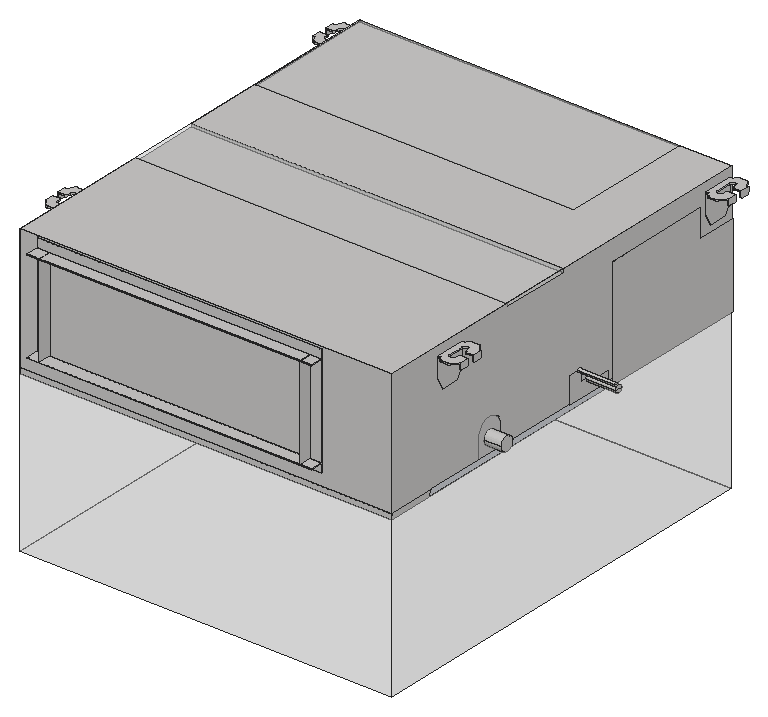
Revit family "outputfile", category 機械設備, Revit 2024
Family settings
  丸型コネクタ寸法 = 半径を使用
  パーツ タイプ = 標準
  OmniClass 番号 = 23.75.10.24.21.27.27
  OmniClass タイトル = Split System Air Conditioning Units
  作業面ベース = いいえ
  常に垂直 = はい
  ロード時にボイドで切り取り = いいえ
  注釈の向きを維持 = いいえ
  共有 = いいえ
  部屋計算ポイント = はい
Parameters (values of type "FXDBQ50AVM")
  Description = ""
  書き出し IFC クラス(タイプ) = "IfcUnitaryEquipmentType"
  定義済み IFC タイプ(タイプ) = "AIRCONDITIONINGUNIT"
  Cost = 0
  Type Comments = ""
  Keynote = ""
  Type Image = (empty or 0)
  Assembly Code = ""
  lh_liquidpipe = [h***] + 60.0 mm  # 60.0 mm
  lh_RA [instance] = if(Rear Connection_Return Air, 125.25 mm + [h***], 245.0 mm + [h***])  # 125.25 mm
  ld_RA_length [instance] = if(Rear Connection_Return Air, 245.0 mm, 126.0 mm)  # 245.0 mm
  l_liquidpipe_length [instance] = 421.0 mm
  l_gaspipe_length [instance] = 408.0 mm
  l_drainpipe_length [instance] = 383.0 mm
  angle_vertica [instance] = 90.00°
  angle horizontal [instance] = if(Right Connection_refrigerant, 180.00°, 0.00°)  # 180.00°
  URL = ""
  Right Connection_refrigerant [instance] = yes
  製造元 = "Daikin"
  モデル = "FXDBQ50AVM"
  w_pipe = 33.0 mm
  r_Liquid Pipe Size = Liquid Pipe Size / 2  # 3.2 mm
  r_Gas Pipe Size = Gas Pipe Size / 2  # 6.35 mm
  r_Drain Pipe Size = Drain Pipe Size / 2  # 12.5 mm
  lw_powersupply = 304.0 mm
  lw_ductflange2 = 602.0 mm
  lw_Width = 535.0 mm
  lh_suctionflange [instance] = 125.25 mm
  ld_suctionflange [instance] = if(Rear Connection_Return Air, 190.0 mm, 100.0 mm)  # 190.0 mm
  ld_powersupply = 60.0 mm
  angle_vertical_RA [instance] = if(Rear Connection_Return Air, 90.00°, 0.00°)  # 90.00°
  angle horizontal_RA [instance] = if(Rear Connection_Return Air, 180.00°, 270.00°)  # 180.00°
  Voltage_comment_60Hz = "220-230"
  Voltage_comment_50Hz = "220-240"
  Voltage_60Hz = 220 V
  Voltage_50Hz = 230 V
  Supply Air Direction [instance] = yes
  Sound Power Level_H speed (dB) = 0
  Rear Connection_Return Air [instance] = not(Bottom Connection_Return Air)  # yes
  RA_length [instance] = 245.0 mm  # constant formula
  Phase_60Hz = 1
  Phase_50Hz = 1
  Minimum External Static Pressure = 15.00 Pa
  Minimum Circuit Amps_60Hz = 1.1 A
  Minimum Circuit Amps_50Hz = 1.1 A
  Maximum Fuse Amps_60Hz = 16.0 A
  Maximum Fuse Amps_50Hz = 16.0 A
  Maximum External Static Pressure = 50.00 Pa
  Material_Casing = DAIKIN_GalvanizedSteel_Casing_indoorunit
  lw_liquidpipe = 71.0 mm  # constant formula
  lw_gaspipe = 58.0 mm  # constant formula
  lw_mountinghole_pitch = 738.0 mm
  lw_mountinghole = 20.0 mm  # constant formula
  lw_drainpipe = 33.0 mm  # constant formula
  lh_powersupply = 10.0 mm
  lh_gaspipe = [h***] + 38.0 mm  # 38.0 mm
  lh_mountinghole = Height - 15.0 mm + [h***]  # 230.0 mm
  lh_drainpipe = 150.0 mm
  lh_antena = 16.0 mm  # constant formula
  ld_liquidpipe = 193.0 mm  # constant formula
  ld_gaspipe = 130.0 mm  # constant formula
  ld_mountinghole_pitch = 630.0 mm  # constant formula
  ld_drainpipe = 280.0 mm
  ld_controlbox = 626.0 mm  # constant formula
  h*** = 0.0 mm  # constant formula
  d_dischargeflange = 25.0 mm  # constant formula
  Width = 700.0 mm
  Version = "ver.1.0"
  Unit Type = "3D Airflow Duct with Sensing Type"
  Unit Mass Weight = 26.00 kg
  Unit Designation [instance] = ""
  Uniclass2015Version = "Products v1.30"
  Uniclass2015Title = "Variable refrigerant flow units"
  Uniclass2015Code = "Pr_70_65_03_94"
  Total Heating Capacity [instance] = 0.000 kW
  Total Cooling Capacity [instance] = 0.000 kW
  Sound Pressure Level_M speed (dBA) = 0
  Sound Pressure Level_L speed (dBA) = 28
  Sound Pressure Level_H speed (dBA) = 37
  Series = "VRV Fan Coil Unit"
  Sensible Cooling Capacity [instance] = 0.000 kW
  SA Duct Size Width = 490.0 mm
  SA Duct Size Height = 174.0 mm
  Refrigerant Type = "R410A"
  RA Duct Size Width = 562.0 mm
  RA Duct Size Height [instance] = if(Rear Connection_Return Air, 202.6 mm, 204.0 mm)  # 202.6 mm
  Power Input (Heating) = 0.080 kW
  Power Input (Cooling) = 0.080 kW
  Option Accessory 3 [instance] = ""
  Option Accessory 2 [instance] = ""
  Option Accessory 1 [instance] = ""
  Nominal Heating Capacity = 6.300 kW
  Nominal Cooling Capacity = 5.600 kW
  Minimum Airflow = 540.00 m³/h
  Median Airflow = 690.00 m³/h
  Maximum Airflow = 888.00 m³/h
  Load Classification = HVAC
  Liquid Pipe Size = 6.4 mm
  Link_Nested Family [instance] = ""
  Left Connection_refrigerant [instance] = no
  IfcVersion = "0"
  IfcExportType = "AIRCONDITIONINGUNIT"
  IfcExportAs = "IfcUnitaryEquipmentType"
  Height = 245.0 mm
  Heating Entering Wet Bulb Temperature [instance] = 0.00 °C
  Heating Entering Dry Bulb Temperature [instance] = 0.00 °C
  Heating Ambient Wet Bulb Temperature [instance] = 0.00 °C
  Heating Ambient Dry Bulb Temperature [instance] = 0.00 °C
  Heat Exchanger Type = "Cross Fin Coil"
  Gas Pipe Size = 12.7 mm
  Frequency_60Hz = 60 Hz
  Frequency_50Hz = 50 Hz
  Fan Type = "Sirocco Fan"
  Fan Drive = "Direct Drive"
  FCU Tag No. [instance] = ""
  Drain Pipe Size = 25.0 mm
  Design Supply Airflow [instance] = 0.00 m³/h
  Design Return Airflow [instance] = 0.00 m³/h
  Design External Static Pressure [instance] = 0.00 Pa
  Depth = 800.0 mm
  既定の高さ = 0.0 mm
  Cooling Entering Wet Bulb Temperature [instance] = 0.00 °C
  Cooling Entering Dry Bulb Temperature [instance] = 0.00 °C
  Cooling Ambient Wet Bulb Temperature [instance] = 0.00 °C
  Cooling Ambient Dry Bulb Temperature [instance] = 0.00 °C
  Clearance visibility [instance] = yes
  Clearance Top = 0.0 mm
  Clearance Right = 0.0 mm
  Clearance Rear = 0.0 mm
  Clearance Left = 0.0 mm
  Clearance Front = 0.0 mm
  Clearance Bottom = 300.0 mm
  Bottom Connection_Return Air [instance] = no
Reference planes
  plane 1 "Center (Front/Back)": y = 0
  plane 2: z = 0
  plane 3 "Center (Left/Right)": x = 0
  plane 4 "Back": y = 400
  plane 5 "Front": y = -400
  plane 6 "Left": x = -350
  plane 7 "Right": x = 350
  plane 8 "Top": z = 0
  plane 9 "Bottom": z = -245
  plane 10: x = 330
  plane 11: x = -330
  plane 12: z = -235
  plane 13: z = -6
  plane 14: z = -67
  plane 15: z = -185
  plane 16: z = -207
  plane 17: x = -304
  plane 18: x = 304
  plane 19: x = -369
  plane 20: x = 369
  plane 21: x = -389
  plane 22: x = 390
  plane 23: x = 421
  plane 24: x = 408
  plane 25: x = 383
  plane 26: z = -15
  plane 27: z = -95
  plane 28 "Clearance Left": x = -350
  plane 29 "Clearance Right": x = 350
  plane 30 "Clearance Rear": y = 400
  plane 31 "Clearance Front": y = -400
  plane 32 "Clearance Top": z = 0
  plane 33 "Clearance Bottom": z = -545
  plane 34: z = -21
  plane 35: z = -206
  plane 36: z = -141.5
  plane 37: x = -40
  plane 38: y = 61
  plane 39: y = 39
  plane 40: y = -30
  plane 41: y = -171
  plane 42: z = -97.5
  plane 43: y = -400
  plane 44: x = -349
  plane 45: z = -145
  plane 46: z = -355
  plane 47: y = 210
  plane 48: z = 331
  plane 49: z = -244
  plane 50: y = 210
  plane 51: z = -146
  plane 52: x = 383
  plane 53: x = 345
  plane 54: x = 355
  plane 55: x = 351
  plane 56: x = 251
  plane 57: x = 349.004
  plane 58: x = -349
  plane 59: x = 304
  plane 60: z = -108
  plane 61: z = -234
  plane 62: x = -317
  plane 63: z = -3
  plane 64: x = -49.5
  plane 65: z = -1
  plane 66: y = 155
  plane 67: x = -50
  plane 68: y = -266
  plane 69: y = 364
  plane 70: z = -15
  plane 71: z = -185
  plane 72: z = -207
  plane 73: x = -383
  plane 74: x = -351
  plane 75: x = -421
  plane 76: x = -408
  plane 77: y = 280.25
  plane 78: z = 125.25
  plane 79: y = 117.5
  plane 80: z = -36.4
  plane 81: y = 399
Forms (mm)
  Extrusion 1, solid
    sketch origin (0, 0, 0) x (1, 0, 0) y (0, 0, 1)
      loop
        line (-350, -235) -> (-350, -245) -> (350, -245) -> (350, -235) -> (-350, -235)
    from -116.5 to 310
  Extrusion 2, solid, material "DAIKIN_GalvanizedSteel_Casing_indoorunit" <- "Material_Casing"
    sketch origin (0, 0, 0) x (1, 0, 0) y (0, 1, 0)
      loop
        line (-350, -400) -> (350, -400) -> (350, 400) -> (-350, 400) -> (-350, -400)
    from -245 to 0
  Extrusion 3, void
    sketch origin (0, 0, 1) x (1, 0, 0) y (0, 1, 0)
      loop
        line (-350, -128.821) -> (350, -128.821) -> (350, 4.179) -> (-350, 4.179) -> (-350, -128.821)
    from -1 to -7
  Revolve 4, solid, material "DAIKIN_GalvanizedSteel_Casing_indoorunit" <- "Material_Casing"
    sketch origin (0, 0, -207) x (0, -1, 0) y (1, 0, 0)
      loop
        line (-67.35, 351) -> (-61, 351) -> (-61, 408) -> (-67.35, 408) -> (-67.35, 351)
      axis (-61, 351) -> (-61, 408)
    angle from 0 to 360
  Revolve 5, solid, material "DAIKIN_GalvanizedSteel_Casing_indoorunit" <- "Material_Casing"
    sketch origin (0, 0, -185) x (0, -1, 0) y (1, 0, 0)
      loop
        line (-39, 351) -> (-39, 421) -> (-42.2, 421) -> (-42.2, 351) -> (-39, 351)
      axis (-39, 421) -> (-39, 351)
    angle from 0 to 360
  Extrusion 6, solid, material "DAIKIN_GalvanizedSteel_Casing_indoorunit" <- "Material_Casing"
    sketch origin (0, 0, 0) x (0, 1, 0) y (0, 0, 1)
      loop
        circle (-171, -206) r 13
    from 383 to 349.004
  Extrusion 7, solid, material "DAIKIN_GalvanizedSteel_Casing_indoorunit" <- "Material_Casing"
    sketch origin (0, 0, 0) x (1, 0, 0) y (0, 0, 1)
      loop
        line (-350, -235) -> (-350, -245) -> (350, -245) -> (350, -235) -> (-350, -235)
    from -116.5 to 400
  Extrusion 8, void
    sketch origin (0, 0, 0) x (1, 0, 0) y (0, 0, 1)
      loop
        line (251, 0) -> (-349, 0) -> (-349, -1) -> (251, -1) -> (251, 0)
    from -400 to -152.5
  Extrusion 9, solid, material "DAIKIN_GalvanizedSteel_Casing_indoorunit" <- "Material_Casing", visible <- "Rear Connection_Return Air"
    sketch origin (0, 0, 0) x (1, 0, 0) y (0, 1, 0)
      loop
        line (-349, 400) -> (-349, 152.5) -> (251, 152.5) -> (251, 400) -> (-349, 400)
    from -245 to -244
  Extrusion 10, solid, material "DAIKIN_GalvanizedSteel_Casing_indoorunit" <- "Material_Casing", visible <- "Bottom Connection_Return Air"
    sketch origin (0, 0, 0) x (1, 0, 0) y (0, 0, 1)
      loop
        line (251, -1) -> (-349, -1) -> (-349, -245) -> (251, -245) -> (251, -1)
    from -400 to -399
  Extrusion 11, void
    sketch origin (0, 0, 0) x (0, 1, 0) y (0, 0, 1)
      loop
        arc (-143.5, -198.721) -> (-171, -171.221) -> (-198.5, -198.721) r 27.5
        line (-198.5, -198.721) -> (-198.5, -235) -> (-143.5, -235) -> (-143.5, -198.721)
    from 349.004 to 350
  Extrusion 12, solid, material "DAIKIN_GalvanizedSteel_Casing_indoorunit" <- "Material_Casing"
    sketch origin (0, 0, 0) x (0, 1, 0) y (0, 0, 1)
      loop
        line (35.8, -185) -> (16.8, -185) -> (16.8, -235) -> (107.3, -235) -> (107.3, -217) -> (67.3, -217) -> (67.3, -207)
        arc (67.3, -207) -> (60.975, -213.325) -> (54.65, -207) r 6.325
        line (54.65, -207) -> (42.2, -207) -> (42.2, -185)
        arc (42.2, -185) -> (39, -188.2) -> (35.8, -185) r 3.2
    from 350 to 351
  Extrusion 13, void
    sketch origin (0, 0, 0) x (0, 1, 0) y (0, 0, -1)
      loop
        line (-143.5, 198.721) -> (-143.5, 235) -> (-198.5, 235) -> (-198.5, 198.721)
        arc (-198.5, 198.721) -> (-171, 171.221) -> (-143.5, 198.721) r 27.5
    from 349 to 350
  Extrusion 14, solid, material "DAIKIN_GalvanizedSteel_Casing_indoorunit" <- "Material_Casing"
    sketch origin (0, 0, 0) x (0, 1, 0) y (0, 0, -1)
      loop
        circle (-171, 206) r 13
    from 383 to 349
  Extrusion 15, solid, material "DAIKIN_GalvanizedSteel_Casing_indoorunit" <- "Material_Casing"
    sketch origin (0, 0, 0) x (0, 1, 0) y (0, 0, -1)
      loop
        arc (35.8, 185) -> (39, 188.2) -> (42.2, 185) r 3.2
        line (42.2, 185) -> (42.2, 207) -> (54.65, 207)
        arc (54.65, 207) -> (60.975, 213.325) -> (67.3, 207) r 6.325
        line (67.3, 207) -> (67.3, 217) -> (107.3, 217) -> (107.3, 235) -> (16.8, 235) -> (16.8, 185) -> (35.8, 185)
    from 350 to 351
  Revolve 16, solid, material "DAIKIN_GalvanizedSteel_Casing_indoorunit" <- "Material_Casing"
    sketch origin (0, 0, -185) x (0, -1, 0) y (1, 0, 0)
      loop
        line (-39, -351) -> (-42.2, -351) -> (-42.2, -421) -> (-39, -421) -> (-39, -351)
      axis (-39, -421) -> (-39, -351)
    angle from 0 to 360
  Revolve 17, solid, material "DAIKIN_GalvanizedSteel_Casing_indoorunit" <- "Material_Casing"
    sketch origin (0, 0, -207) x (0, -1, 0) y (1, 0, 0)
      loop
        line (-67.35, -351) -> (-67.35, -408) -> (-61, -408) -> (-61, -351) -> (-67.35, -351)
      axis (-61, -351) -> (-61, -408)
    angle from 0 to 360
  Extrusion 18, solid, material "DAIKIN_GalvanizedSteel_Casing_indoorunit" <- "Material_Casing"
    sketch origin (0, 0, 0) x (0, 1, 0) y (0, 0, 1)
      loop
        line (117.5, -36.4) -> (117.5, -245) -> (400, -245) -> (400, -88) -> (322.4, -88) -> (322.4, -36.4) -> (117.5, -36.4)
    from 351 to 350
Cuts and joins
  Extrusion 3, Extrusion 8, Extrusion 11, Extrusion 13 cuts Extrusion 2
  Extrusion 8, Extrusion 11, Extrusion 13 cuts Extrusion 7
Dimensions and locks
  "lh_powersupply": plane 12 to plane 9 "Bottom"
  locked: plane 8 "Top" to plane 13 at 6
  "Height": plane 8 "Top" to plane 9 "Bottom"
  equal spacing: plane 17, plane 3 "Center (Left/Right)", plane 18, locked at 304 each
  locked: plane 17 to plane 18 at 608
  equal spacing: plane 19, plane 3 "Center (Left/Right)", plane 20
  "lw_mountinghole_pitch": plane 19 to plane 20
  locked: plane 14 to plane 9 "Bottom" at 178
  "lw_mountinghole": plane 21 to plane 19
  locked: plane 15 to plane 9 "Bottom" at 60
  "lh_gaspipe": plane 16 to plane 9 "Bottom"
  "lh_mountinghole": plane 26 to plane 9 "Bottom"
  equal spacing: plane 6 "Left", plane 3 "Center (Left/Right)", plane 7 "Right"
  "Width": plane 6 "Left" to plane 7 "Right"
  "lh_drainpipe": plane 27 to plane 9 "Bottom"
  "Clearance Right": plane 7 "Right" to plane 29 "Clearance Right"
  "Clearance Left": plane 28 "Clearance Left" to plane 6 "Left"
  "lw_gaspipe": plane 7 "Right" to plane 24
  "lw_liquidpipe": plane 7 "Right" to plane 23
  "lw_drainpipe": plane 7 "Right" to plane 25
  "Clearance Rear": plane 30 "Clearance Rear" to plane 4 "Back"
  "Clearance Front": plane 5 "Front" to plane 31 "Clearance Front"
  "Clearance Top": plane 32 "Clearance Top" to plane 8 "Top"
  "Clearance Bottom": plane 9 "Bottom" to plane 33 "Clearance Bottom"
  locked: plane 8 "Top" to plane 34 at 21
  locked: plane 8 "Top" to plane 35 at 206
  locked: plane 36 to plane 9 "Bottom" at 103.5
  locked: plane 34 to plane 42 at 76.5
  locked: plane 44 to plane 6 "Left" at 1
  locked: plane 12 to plane 45 at 90
  locked: plane 46 to plane 33 "Clearance Bottom" at 190
  plane 48 to plane 26 = 346.0 mm
  locked: plane 49 to plane 9 "Bottom" at 1
  "ld_suctionflange": plane 4 "Back" to plane 50
  locked: plane 51 to plane 9 "Bottom" at 99
  locked: plane 7 "Right" to plane 52 at 33
  locked: plane 53 to plane 7 "Right" at 5
  locked: plane 7 "Right" to plane 54 at 5
  locked: plane 7 "Right" to plane 55 at 1
  plane 7 "Right" to plane 56 = 99.0 mm
  locked: plane 7 "Right" to plane 57 at 0.996
  locked: plane 58 to plane 6 "Left" at 1
  "lw_powersupply": plane 3 "Center (Left/Right)" to plane 59
  locked: plane 61 to plane 9 "Bottom" at 11
  locked: plane 6 "Left" to plane 62 at 33
  locked: plane 8 "Top" to plane 63 at 3
  locked: plane 8 "Top" to plane 65 at 1
  plane 66 to plane 4 "Back" = 245.0 mm
  "ld_mountinghole_pitch": plane 69 to plane 68
  locked: plane 8 "Top" to plane 70 at 15
  "Depth": plane 4 "Back" to plane 43
  equal spacing: plane 4 "Back", plane 1 "Center (Front/Back)", plane 43, locked at 400 each
  locked: plane 31 "Clearance Front" to plane 41 at 229
  locked: plane 31 "Clearance Front" to plane 39 at 439
  locked: plane 39 to plane 38 at 22
  locked: plane 8 "Top" to plane 71 at 185
  locked: plane 71 to plane 72 at 22
  locked: plane 60 to plane 9 "Bottom" at 137
  plane 72 to plane 9 "Bottom" = 38.0 mm
  locked: plane 73 to plane 6 "Left" at 33
  locked: plane 74 to plane 6 "Left" at 1
  locked: plane 75 to plane 6 "Left" at 71
  locked: plane 76 to plane 6 "Left" at 58
  "r_Liquid Pipe Size": Revolve 5 sketch curve to Revolve 5 sketch curve
  "r_Gas Pipe Size": Revolve 4 sketch curve to Revolve 4 sketch curve
  "lh_suctionflange": plane 78 to level
  "r_Liquid Pipe Size": Revolve 16 sketch curve to Revolve 16 sketch curve
  "r_Gas Pipe Size": Revolve 17 sketch curve to Revolve 17 sketch curve
  locked: plane 68 to plane 43 at 134
  "ld_RA_length": plane 30 "Clearance Rear" to plane 66
  locked: plane 30 "Clearance Rear" to Extrusion 9 sketch curve at 247.5
  locked: plane 79 to plane 30 "Clearance Rear" at 282.5
  locked: plane 80 to plane 9 "Bottom" at 208.6
  locked: Extrusion 18 sketch curve to Extrusion 18 sketch curve at 51.6
  locked: Extrusion 18 sketch curve to nested 8 at 77.6
  locked: plane 4 "Back" to plane 81 at 1
  aligned and locked: level to plane 2
  aligned and locked: Extrusion 2 to plane 9 "Bottom"
  aligned and locked: plane 8 "Top" to Extrusion 2
  aligned and locked: Revolve 4 sketch curve to Revolve 4 sketch curve
  aligned and locked: plane 20 to nested 2
  aligned and locked: plane 19 to nested 3
  aligned and locked: plane 19 to nested 4
  aligned and locked: nested 7 to plane 12
  aligned and locked: Extrusion 7 to plane 9 "Bottom"
  aligned and locked: Extrusion 6 sketch curve to plane 41
  aligned and locked: plane 4 "Back" to Extrusion 8
  aligned and locked: plane 8 "Top" to Extrusion 3
  aligned and locked: plane 9 "Bottom" to Extrusion 9  (x2)
  aligned and locked: Extrusion 9 to plane 49
  aligned and locked: Extrusion 8 to level
  aligned and locked: plane 30 "Clearance Rear" to nested 8
  aligned and locked: plane 29 "Clearance Right" to nested 8
  aligned and locked: plane 28 "Clearance Left" to nested 8
  aligned and locked: nested 8 to plane 32 "Clearance Top"
  aligned and locked: nested 8 to plane 33 "Clearance Bottom"
  aligned and locked: Extrusion 3 to plane 13
  aligned and locked: plane 7 "Right" to cut or joined group of Extrusion 2, Extrusion 3, Extrusion 8, Extrusion 11, Extrusion 13  (x2)
  aligned and locked: plane 52 to Extrusion 6
  aligned and locked: plane 56 to Extrusion 8 sketch curve
  aligned and locked: Extrusion 9 to plane 56
  aligned and locked: cut or joined group of Extrusion 2, Extrusion 3, Extrusion 8, Extrusion 11, Extrusion 13 to plane 43
  aligned and locked: nested 7 to plane 59
  aligned and locked: nested 6 to plane 1 "Center (Front/Back)"
  aligned and locked: plane 3 "Center (Left/Right)" to nested 6
  aligned and locked: plane 60 to nested 5  (x2)
  aligned and locked: nested 10 to plane 62
  aligned and locked: nested 10 to plane 63
  aligned and locked: plane 64 to nested 5
  aligned and locked: nested 11 to plane 58
  aligned and locked: plane 4 "Back" to nested 11
  aligned and locked: plane 65 to nested 11
  aligned and locked: plane 4 "Back" to Extrusion 10
  aligned and locked: plane 65 to Extrusion 10
  aligned and locked: Extrusion 10 to plane 9 "Bottom"
  aligned and locked: Extrusion 10 to plane 56
  aligned and locked: plane 4 "Back" to nested 7
  aligned and locked: nested 13 to plane 68
  aligned and locked: plane 6 "Left" to nested 13
  aligned and locked: plane 68 to nested 12
  aligned and locked: nested 12 to plane 7 "Right"
  aligned and locked: nested 15 to plane 69
  aligned and locked: plane 6 "Left" to nested 15
  aligned and locked: plane 69 to nested 14
  aligned and locked: nested 14 to plane 7 "Right"
  aligned and locked: plane 70 to nested 13
  aligned and locked: plane 70 to nested 15
  aligned and locked: plane 20 to nested 1
  aligned and locked: nested 1 to plane 69
  aligned and locked: nested 4 to plane 69
  aligned and locked: nested 3 to plane 68
  aligned and locked: nested 2 to plane 68
  aligned and locked: cut or joined group of Extrusion 2, Extrusion 3, Extrusion 8, Extrusion 11, Extrusion 13 to plane 57
  aligned and locked: Extrusion 6 to plane 57
  aligned and locked: nested 5 to plane 64
  aligned and locked: nested 5 to plane 43
  aligned and locked: cut or joined group of Extrusion 7, Extrusion 8, Extrusion 11, Extrusion 13 to plane 43
  aligned and locked: plane 7 "Right" to Extrusion 12
  aligned and locked: plane 55 to Extrusion 12
  aligned and locked: plane 71 to Revolve 5
  aligned and locked: plane 72 to Revolve 4
  aligned and locked: plane 72 to Extrusion 12
  aligned and locked: Extrusion 12 to plane 12
  aligned and locked: plane 71 to Extrusion 12
  aligned and locked: cut or joined group of Extrusion 2, Extrusion 3, Extrusion 8, Extrusion 11, Extrusion 13 to plane 6 "Left"  (x2)
  aligned and locked: plane 58 to cut or joined group of Extrusion 2, Extrusion 3, Extrusion 8, Extrusion 11, Extrusion 13
  aligned and locked: plane 58 to Extrusion 14
  aligned and locked: Extrusion 14 to plane 73
  aligned and locked: plane 6 "Left" to Extrusion 15
  aligned and locked: Extrusion 15 to plane 74
  aligned and locked: Revolve 16 to plane 74
  aligned and locked: Revolve 16 to plane 75
  aligned and locked: Revolve 17 sketch curve to Revolve 17 sketch curve
  aligned and locked: Revolve 17 to plane 74
  aligned and locked: Revolve 17 to plane 76
  aligned and locked: nested 16 to plane 39
  aligned and locked: nested 17 to plane 38
  aligned and locked: nested 17 to plane 3 "Center (Left/Right)"
  aligned and locked: plane 71 to Revolve 16
  aligned and locked: plane 72 to Revolve 17
  aligned and locked: plane 43 to nested 10
  aligned and locked: nested 8 to plane 43
  aligned and locked: nested 18 to plane 41
  aligned and locked: plane 3 "Center (Left/Right)" to nested 18
  aligned and locked: plane 35 to nested 18
  aligned and locked: nested 9 to plane 67  (x2)
  aligned and locked: plane 70 to nested 12
  aligned and locked: plane 70 to nested 14
  aligned and locked: nested 9 to plane 66
  aligned and locked: plane 29 "Clearance Right" to Extrusion 18
  aligned and locked: plane 55 to Extrusion 18
  aligned and locked: plane 80 to Extrusion 18
  aligned and locked: plane 79 to Extrusion 18
  aligned and locked: nested 19 to plane 9 "Bottom"
  aligned and locked: nested 19 to plane 56
  aligned and locked: nested 19 to plane 81
  aligned and locked: level to plane 8 "Top"
Automatic sketch dimensions
  Extrusion 1 sketch curve to plane 6 "Left" = 0.0 mm
  Extrusion 1 sketch curve to plane 7 "Right" = 0.0 mm
  Extrusion 1 sketch curve to plane 9 "Bottom" = 0.0 mm
  Extrusion 1 sketch curve to plane 12 = 0.0 mm
  Extrusion 2 sketch curve to plane 4 "Back" = 0.0 mm
  Extrusion 2 sketch curve to plane 6 "Left" = 0.0 mm
  Extrusion 2 sketch curve to plane 7 "Right" = 0.0 mm
  Extrusion 2 sketch curve to plane 43 = 0.0 mm
  Extrusion 3 sketch curve to plane 6 "Left" = 0.0 mm
  Extrusion 3 sketch curve to plane 7 "Right" = 0.0 mm
  plane 41 to Extrusion 3 sketch curve = 42.179 mm
  Extrusion 3 sketch curve to plane 1 "Center (Front/Back)" = 4.179 mm
  Revolve 4 sketch curve to plane 24 = 0.0 mm
  Revolve 4 sketch curve to plane 38 = 0.0 mm
  Revolve 4 sketch curve to plane 55 = 0.0 mm
  plane 55 to Revolve 4 sketch curve = 1.003 mm
  plane 24 to Revolve 4 sketch curve = 1.003 mm
  Revolve 5 sketch curve to plane 39 = 0.0 mm  (x2)
  Revolve 5 sketch curve to plane 23 = 0.0 mm  (x2)
  Revolve 5 sketch curve to plane 55 = 0.0 mm  (x2)
  Extrusion 6 sketch curve to plane 35 = 0.0 mm
  Extrusion 7 sketch curve to plane 6 "Left" = 0.0 mm
  Extrusion 7 sketch curve to plane 7 "Right" = 0.0 mm
  Extrusion 7 sketch curve to plane 9 "Bottom" = 0.0 mm
  Extrusion 7 sketch curve to plane 12 = 0.0 mm
  Extrusion 9 sketch curve to plane 44 = 0.0 mm
  Extrusion 9 sketch curve to plane 4 "Back" = 0.0 mm
  Extrusion 9 sketch curve to plane 56 = 0.0 mm
  Extrusion 10 sketch curve to plane 44 = 0.0 mm
  Extrusion 10 sketch curve to plane 9 "Bottom" = 0.0 mm
  Extrusion 10 sketch curve to plane 56 = 0.0 mm
  Extrusion 10 sketch curve to plane 65 = 0.0 mm
  Extrusion 11 sketch curve to plane 12 = 0.0 mm
  Extrusion 11 sketch curve to plane 41 = 0.0 mm
  Extrusion 11 sketch curve to plane 41 = 27.5 mm
  plane 35 to Extrusion 11 sketch curve = 7.279 mm
  Extrusion 12 sketch curve to plane 15 = 0.0 mm
  Extrusion 12 sketch curve to plane 12 = 0.0 mm
  Extrusion 12 sketch curve to plane 39 = 0.0 mm
  Extrusion 12 sketch curve to plane 72 = 0.0 mm
  Extrusion 12 sketch curve to Extrusion 12 sketch curve = 3.2 mm
  Extrusion 12 sketch curve to plane 1 "Center (Front/Back)" = 16.8 mm
  Extrusion 12 sketch curve to plane 38 = 6.35 mm
  Extrusion 12 sketch curve to plane 38 = 0.025 mm
  Extrusion 12 sketch curve to Extrusion 12 sketch curve = 40.0 mm
  Extrusion 12 sketch curve to Extrusion 12 sketch curve = 10.0 mm
  Extrusion 13 sketch curve to plane 12 = 0.0 mm
  Extrusion 13 sketch curve to plane 41 = 0.0 mm
  Extrusion 13 sketch curve to plane 41 = 27.5 mm
  plane 35 to Extrusion 13 sketch curve = 7.279 mm
  Extrusion 14 sketch curve to plane 35 = 0.0 mm
  Extrusion 14 sketch curve to plane 41 = 0.0 mm
  Extrusion 15 sketch curve to plane 15 = 0.0 mm
  Extrusion 15 sketch curve to plane 12 = 0.0 mm
  Extrusion 15 sketch curve to plane 39 = 0.0 mm
  Extrusion 15 sketch curve to plane 72 = 0.0 mm
  Extrusion 15 sketch curve to Extrusion 15 sketch curve = 3.2 mm
  Extrusion 15 sketch curve to plane 1 "Center (Front/Back)" = 16.8 mm
  Extrusion 15 sketch curve to plane 38 = 6.35 mm
  Extrusion 15 sketch curve to plane 38 = 0.025 mm
  Extrusion 15 sketch curve to Extrusion 15 sketch curve = 40.0 mm
  Extrusion 15 sketch curve to Extrusion 15 sketch curve = 10.0 mm
  Revolve 16 sketch curve to plane 74 = 0.0 mm  (x2)
  Revolve 16 sketch curve to plane 75 = 0.0 mm  (x2)
  Revolve 16 sketch curve to plane 39 = 0.0 mm  (x2)
  Revolve 17 sketch curve to plane 74 = 0.0 mm
  Revolve 17 sketch curve to plane 38 = 0.0 mm
  plane 75 to Revolve 17 sketch curve = 13.0 mm
  Revolve 17 sketch curve to plane 74 = 1.003 mm
  Revolve 17 sketch curve to Revolve 17 sketch curve = 1.003 mm
  Extrusion 8 sketch curve to plane 44 = 0.0 mm
  Extrusion 8 sketch curve to level = 0.0 mm
  Extrusion 8 sketch curve to plane 65 = 0.0 mm
  Extrusion 18 sketch curve to plane 9 "Bottom" = 0.0 mm
  Extrusion 18 sketch curve to plane 79 = 0.0 mm
  Extrusion 18 sketch curve to plane 80 = 0.0 mm
  Extrusion 18 sketch curve to plane 4 "Back" = 0.0 mm
  radius of Extrusion 6 sketch curve = 13.0 mm
  radius of Extrusion 14 sketch curve = 13.0 mm
Nested families
  nested 1: "daikin_mountinghole" at (369, 364, -245), l_antenna <- "lh_antena", Link_Nested Family <- "Link_Nested Family", h_mountinghole <- "lh_mountinghole", type "daikin_mountinghole"
    with show yes, l_antenna 16.0 mm, h_mountinghole 230.0 mm, Link_Nested Family ""
  nested 2: "daikin_mountinghole" at (369, -266, -245), Link_Nested Family <- "Link_Nested Family", l_antenna <- "lh_antena", h_mountinghole <- "lh_mountinghole", type "daikin_mountinghole"
    with show yes, l_antenna 16.0 mm, h_mountinghole 230.0 mm, Link_Nested Family ""
  nested 3: "daikin_mountinghole" at (-369, -266, -245), l_antenna <- "lh_antena", Link_Nested Family <- "Link_Nested Family", h_mountinghole <- "lh_mountinghole", type "daikin_mountinghole"
    with show yes, l_antenna 16.0 mm, h_mountinghole 230.0 mm, Link_Nested Family ""
  nested 4: "daikin_mountinghole" at (-369, 364, -245), l_antenna <- "lh_antena", Link_Nested Family <- "Link_Nested Family", h_mountinghole <- "lh_mountinghole", type "daikin_mountinghole"
    with show yes, l_antenna 16.0 mm, h_mountinghole 230.0 mm, Link_Nested Family ""
  nested 5: "daikin_connector_rotate2" at (-49.5, -400, -108), length <- "d_dischargeflange", type "daikin_connector_rotate2"
    with radius 10.0 mm, length 25.0 mm, angle_vertical 90.00°, show_face no
  nested 6: "daikin_△_symbolicline" at (-75, -129.904, 245) x (-0.5, 0.866, 0) z (0, 0, 1), built-in parameter 1001364 <- "Height", visible <- "Supply Air Direction", type "daikin_△_symbolicline"
    with length 300.0 mm
  nested 7: "daikin_connector_rotate2" at (304, 340, -235) x (-1, 0, 0) z (0, 0, 1), built-in parameter 1001364 <- "lw_powersupply", length <- "ld_powersupply", type "daikin_connector_rotate2"
    with radius 10.0 mm, length 60.0 mm, angle_vertical 90.00°, show_face no
  nested 8: "daikin_clearancespace" at (0, 0, -272.381), visible <- "Clearance visibility", show <- "Clearance visibility", Link_Nested Family <- "Link_Nested Family", type "daikin_clearancespace"
    with width 700.0 mm, show yes, height 545.0 mm, depth 800.0 mm, Link_Nested Family ""
  nested 9: "daikin_connector_rotate3" at (-50, 155, -119.75), angle_vertical <- "angle_vertical_RA", angle_horizontal <- "angle horizontal_RA", length <- "RA_length", built-in parameter 1001364 <- "lh_RA", type "daikin_connector_rotate3"
    with show no, radius 10.0 mm, length 245.0 mm, angle_vertical 90.00°, angle_horizontal 180.00°
  nested 10: "daikin_ductflange_FXDBQ-AVM" at (-49.5, -86.5, -385.201), width <- "lw_Width", material <- "Material_Casing", type "daikin_ductflange_FXDBQ-AVM"
    with width 535.0 mm, material DAIKIN_GalvanizedSteel_Casing_indoorunit, height 176.0 mm, depth 25.0 mm
  nested 11: "daikin_ductflange_FXDBQ-AVM2" at (-49, 400, -119.75), material <- "Material_Casing", visible <- "Rear Connection_Return Air", width <- "lw_ductflange2", rear <- "Rear Connection_Return Air", bottom <- "Bottom Connection_Return Air", type "daikin_ductflange_FXDBQ-AVM2"
    with width 602.0 mm, rear yes, material DAIKIN_GalvanizedSteel_Casing_indoorunit, height 245.0 mm, depth 1.0 mm, bottom no, H2 18.5 mm, H1 202.5 mm
  nested 12: "daikin_hangerfixture_FXDBQ-AVM" at (350, -266, -15) x (0, 1, 0) z (0, 0, 1), type "daikin_hangerfixture_FXDBQ-AVM"
  nested 13: "daikin_hangerfixture_FXDBQ-AVM" at (-350, -266, -15) x (0, -1, 0) z (0, 0, 1), type "daikin_hangerfixture_FXDBQ-AVM"
  nested 14: "daikin_hangerfixture_FXDBQ-AVM" at (350, 364, -15) x (0, 1, 0) z (0, 0, 1), type "daikin_hangerfixture_FXDBQ-AVM"
  nested 15: "daikin_hangerfixture_FXDBQ-AVM" at (-350, 364, -15) x (0, -1, 0) z (0, 0, 1), type "daikin_hangerfixture_FXDBQ-AVM"
  nested 16: "daikin_connector_rotate3" at (0, 39, -185) x (0, -1, 0) z (0, 0, 1), radius <- "r_Liquid Pipe Size", angle_vertical <- "angle_vertica", length <- "l_liquidpipe_length", angle_horizontal <- "angle horizontal", type "daikin_connector_rotate3"
    with show no, radius 3.2 mm, length 421.0 mm, angle_vertical 90.00°, angle_horizontal 180.00°
  nested 17: "daikin_connector_rotate3" at (0, 61, -207) x (0, -1, 0) z (0, 0, 1), angle_vertical <- "angle_vertica", angle_horizontal <- "angle horizontal", length <- "l_gaspipe_length", radius <- "r_Gas Pipe Size", type "daikin_connector_rotate3"
    with show no, radius 6.35 mm, length 408.0 mm, angle_vertical 90.00°, angle_horizontal 180.00°
  nested 18: "daikin_connector_rotate3" at (0, -171, -206) x (0, -1, 0) z (0, 0, 1), angle_vertical <- "angle_vertica", angle_horizontal <- "angle horizontal", length <- "l_drainpipe_length", radius <- "r_Drain Pipe Size", type "daikin_connector_rotate3"
    with show no, radius 12.5 mm, length 383.0 mm, angle_vertical 90.00°, angle_horizontal 180.00°
  nested 19: "daikin_ductflange_FXDBQ-AVM2" at (-49, 274.75, -244) x (1, 0, 0) z (0, -1, 0), width <- "lw_ductflange2", material <- "Material_Casing", visible <- "Bottom Connection_Return Air", rear <- "Rear Connection_Return Air", bottom <- "Bottom Connection_Return Air", type "daikin_ductflange_FXDBQ-AVM2"
    with width 602.0 mm, rear yes, material DAIKIN_GalvanizedSteel_Casing_indoorunit, height 245.0 mm, depth 1.0 mm, bottom no, H2 18.5 mm, H1 202.5 mm
Connectors
  hvac at (-49.5, -425, -108), driven by "SA Duct Size Height", driven by "SA Duct Size Width"
    settings: on nested 5, index 7, duct flow 0.00 m³/h, flow factor 0, pres drop 0.00 Pa, loss coef 0, conn angle 0.00°, conn width 490.0 mm, conn height 174.0 mm, conn diameter 609.6 mm, duct sys type 1, conn prof type 1, flow config 0, flow direction 2, loss method 4, conn ref index -1, conn util no, is conn primary yes, conn desc "SA Duct"
  electrical at (304, 400, -235), driven by "Load Classification"
    settings: on nested 7, index 9, voltage 0 V, apparent load 0 VA, apparent load phase1 0 VA, apparent load phase2 0 VA, apparent load phase3 0 VA, power factor 1, load classification "HVAC", number of poles 1, system type 30, power factor state 1, is connector primary yes, connector utility no, sub classification motor no, connector description "Power Supply"
  hvac at (-50, 400, -119.75), driven by "RA Duct Size Height", driven by "RA Duct Size Width"
    settings: on nested 9, index 10, duct flow 0.00 m³/h, flow factor 0, pres drop 0.00 Pa, loss coef 0, conn angle 0.00°, conn width 562.0 mm, conn height 202.6 mm, conn diameter 609.6 mm, duct sys type 2, conn prof type 1, flow config 0, flow direction 1, loss method 4, conn ref index -1, conn util no, is conn primary no, conn desc "RA Duct"
  piping at (408, 61, -207), diameter 12.7, driven by "r_Gas Pipe Size"
    settings: on nested 17, index 13, connector inside diameter 609.6 mm, connector length 0.0 mm, flow factor 0, pipe flow 0.00 m³/h, pressure drop 0.0 Pa, fitting loss kfactor 0, connector angle 0.00°, fixture units 0, engagement length 0.0 mm, angle of deflection 0.00°, flow configuration 1, flow direction 2, fitting loss method 0, system type 29, joint type 0, gender type 0, connector reference index -1, connector utility 0, adjustable connector no, is connector primary yes, connector description "Refrigerant Gas Piping"
  piping at (421, 39, -185), diameter 6.4, driven by "r_Liquid Pipe Size"
    settings: on nested 16, index 14, connector inside diameter 609.6 mm, connector length 0.0 mm, flow factor 0, pipe flow 0.00 m³/h, pressure drop 0.0 Pa, fitting loss kfactor 0, connector angle 0.00°, fixture units 0, engagement length 0.0 mm, angle of deflection 0.00°, flow configuration 1, flow direction 1, fitting loss method 0, system type 29, joint type 0, gender type 0, connector reference index -1, connector utility 0, adjustable connector no, is connector primary no, connector description "Refrigerant Liquid Piping"
  piping at (383, -171, -206), diameter 25, driven by "r_Drain Pipe Size"
    settings: on nested 18, index 15, connector inside diameter 609.6 mm, connector length 0.0 mm, flow factor 0, pipe flow 0.00 m³/h, pressure drop 0.0 Pa, fitting loss kfactor 0, connector angle 0.00°, fixture units 0, engagement length 0.0 mm, angle of deflection 0.00°, flow configuration 1, flow direction 2, fitting loss method 4, system type 16, joint type 0, gender type 0, connector reference index -1, connector utility 0, adjustable connector no, is connector primary no, connector description "Condensate Drain Piping"
Definition of nested family "daikin_clearancespace"
  Parameters (values of type "daikin_clearancespace")
    width [instance] = 1823.963 mm
    show [instance] = yes
    material = none
    height [instance] = 1359.762 mm
    depth [instance] = 880.0 mm
    Default Elevation = 0.0 mm
    Link_Nested Family [instance] = ""
  Reference planes
    plane 1 "Center (Front/Back)": y = 0
    plane 2 "Center (Elevation)": z = -0.119
    plane 3 "Center (Left/Right)": x = 0
    plane 4: y = 440
    plane 5: y = -440
    plane 6 "Right": x = 911.982
    plane 7 "Left": x = -911.982
    plane 8 "Top": z = 679.762
    plane 9 "Bottom": z = -680
  Forms (mm)
    Extrusion 1, solid, material <- "material", visible <- "show"
      sketch origin (0, 0, 0) x (1, 0, 0) y (0, 1, 0)
        loop
          line (-911.982, 440) -> (-911.982, -440) -> (911.982, -440) -> (911.982, 440) -> (-911.982, 440)
      from -680 to 679.762
  Lines and regions (mm)
    symbolic lines, visible <- "show"
      curve 1: line (911.982, 440, 0) -> (-911.982, 440, 0)
      curve 2: line (-911.982, 440, 0) -> (-911.982, -440, 0)
      curve 3: line (-911.982, -440, 0) -> (911.982, -440, 0)
      curve 4: line (911.982, -440, 0) -> (911.982, 440, 0)
      curve 5: line (911.982, 0, 679.762) -> (-911.982, 0, 679.762)
      curve 6: line (911.982, 0, -680) -> (911.982, 0, 679.762)
      curve 7: line (-911.982, 0, -680) -> (911.982, 0, -680)
      curve 8: line (-911.982, 0, 679.762) -> (-911.982, 0, -680)
      curve 9: line (0, 440, 679.762) -> (0, -440, 679.762)
      curve 10: line (0, -440, 679.762) -> (0, -440, -680)
      curve 11: line (0, 440, -680) -> (0, 440, 679.762)
      curve 12: line (0, -440, -680) -> (0, 440, -680)
  Dimensions and locks
    "width": plane 7 "Left" to plane 6 "Right"
    "depth": plane 4 to plane 5
    "height": plane 8 "Top" to plane 9 "Bottom"
    equal spacing: plane 7 "Left", plane 3 "Center (Left/Right)", plane 6 "Right"
    equal spacing: plane 4, plane 1 "Center (Front/Back)", plane 5
    equal spacing: plane 8 "Top", plane 2 "Center (Elevation)", plane 9 "Bottom"
    aligned and locked: level to plane 2 "Center (Elevation)"
    aligned and locked: Extrusion 1 sketch curve to plane 4
    aligned and locked: plane 7 "Left" to Extrusion 1 sketch curve
    aligned and locked: Extrusion 1 sketch curve to plane 5
    aligned and locked: Extrusion 1 sketch curve to plane 6 "Right"
    aligned and locked: plane 8 "Top" to Extrusion 1
    aligned and locked: curve 1 to Extrusion 1
    aligned and locked: curve 2 to Extrusion 1
    aligned and locked: curve 3 to Extrusion 1
    aligned and locked: curve 4 to Extrusion 1
    aligned and locked: curve 5 to Extrusion 1
    aligned and locked: curve 6 to Extrusion 1
    aligned and locked: curve 7 to Extrusion 1
    aligned and locked: curve 8 to Extrusion 1
    aligned and locked: curve 9 to Extrusion 1
    aligned and locked: curve 10 to Extrusion 1
    aligned and locked: curve 11 to Extrusion 1
    aligned and locked: curve 12 to Extrusion 1
    aligned and locked: Extrusion 1 to plane 9 "Bottom"
Definition of nested family "daikin_ductflange_FXDBQ-AVM"
  Parameters (values of type "daikin_ductflange_FXDBQ-AVM")
    width [instance] = 535.0 mm
    material [instance] = none
    height [instance] = 176.0 mm
    depth [instance] = 25.0 mm
    Default Elevation = 0.0 mm
  Reference planes
    plane 1 "Center (Front/Back)": y = 0
    plane 2: z = 189.201
    plane 3 "Center (Left/Right)": x = 0
    plane 4: y = -313.5
    plane 5: x = -267.5
    plane 6: x = 267.5
    plane 7: y = -338.5
    plane 8: z = 365.201
    plane 9: z = 277.201
    plane 10: z = 364.201
    plane 11: z = 190.201
  Forms (mm)
    Extrusion 1, solid, material <- "material"
      sketch origin (0, 0, 189.201) x (1, 0, 0) y (0, 1, 0)
        loop
          line (-245, -338.5) -> (-245, -313.5) -> (-267.5, -313.5) -> (-267.5, -314.5) -> (-246, -314.5) -> (-246, -338.5) -> (-245, -338.5)
        loop
          line (245, -338.5) -> (246, -338.5) -> (246, -314.5) -> (267.5, -314.5) -> (267.5, -313.5) -> (245, -313.5) -> (245, -338.5)
      from 1 to 175
    Extrusion 2, solid, material <- "material"
      sketch origin (0, 0, 0) x (0, 1, 0) y (0, 0, 1)
        loop
          line (-338.5, 364.201) -> (-313.5, 364.201) -> (-313.5, 382.201) -> (-314.5, 382.201) -> (-314.5, 365.201) -> (-338.5, 365.201) -> (-338.5, 364.201)
        loop
          line (-313.5, 190.201) -> (-338.5, 190.201) -> (-338.5, 189.201) -> (-314.5, 189.201) -> (-314.5, 172.201) -> (-313.5, 172.201) -> (-313.5, 190.201)
      from -267.5 to 267.5
  Dimensions and locks
    plane 4 to plane 1 "Center (Front/Back)" = 313.5 mm
    "depth": plane 7 to plane 4
    equal spacing: plane 8, plane 9, level
    "height": plane 8 to level
    equal spacing: plane 6, plane 3 "Center (Left/Right)", plane 5
    "width": plane 6 to plane 5
    plane 5 to plane 6 = 535.0 mm
    locked: plane 8 to plane 10 at 1
    locked: plane 11 to level at 1
    locked: Extrusion 1 sketch curve to Extrusion 1 sketch curve at 1
    aligned and locked: level to plane 2
    aligned and locked: Extrusion 2 to plane 5
    aligned and locked: plane 6 to Extrusion 2
    aligned and locked: plane 10 to Extrusion 1
    aligned and locked: Extrusion 1 to plane 5  (x2)
    aligned and locked: plane 6 to Extrusion 1  (x2)
  Automatic sketch dimensions
    Extrusion 1 sketch curve to plane 5 = 0.0 mm
    Extrusion 1 sketch curve to plane 7 = 0.0 mm  (x2)
    Extrusion 1 sketch curve to plane 4 = 0.0 mm  (x2)
    Extrusion 1 sketch curve to plane 6 = 0.0 mm
    plane 5 to Extrusion 1 sketch curve = 21.5 mm
    Extrusion 1 sketch curve to Extrusion 1 sketch curve = 1.0 mm  (x2)
    Extrusion 1 sketch curve to plane 6 = 22.5 mm
    Extrusion 1 sketch curve to plane 4 = 1.0 mm
    Extrusion 2 sketch curve to plane 7 = 0.0 mm  (x2)
    Extrusion 2 sketch curve to level = 0.0 mm
    Extrusion 2 sketch curve to plane 8 = 0.0 mm
    Extrusion 2 sketch curve to plane 4 = 0.0 mm  (x2)
    Extrusion 2 sketch curve to plane 11 = 0.0 mm
    Extrusion 2 sketch curve to plane 10 = 0.0 mm
    Extrusion 2 sketch curve to plane 4 = 1.0 mm
    Extrusion 2 sketch curve to Extrusion 2 sketch curve = 1.0 mm
    Extrusion 2 sketch curve to level = 17.0 mm
    plane 8 to Extrusion 2 sketch curve = 17.0 mm
Definition of nested family "daikin_ductflange_FXDBQ-AVM2"
  Parameters (values of type "daikin_ductflange_FXDBQ-AVM2")
    width [instance] = 602.0 mm
    material [instance] = none
    height [instance] = 245.0 mm
    depth [instance] = 1.0 mm
    bottom [instance] = no
    rear [instance] = yes
    H2 [instance] = if(rear, 18.5 mm, 20.5 mm)  # 18.5 mm
    H1 [instance] = if(rear, 202.5 mm, 204.0 mm)  # 202.5 mm
    Default Elevation = 0.0 mm
  Reference planes
    plane 1 "Center (Front/Back)": y = 0
    plane 2: z = 0
    plane 3 "Center (Left/Right)": x = 0
    plane 4: y = -1
    plane 5: x = -301
    plane 6: x = 301
    plane 7: z = 101.25
    plane 8: z = -101.25
    plane 9: z = 119.75
    plane 10: z = -125.25
    plane 11: x = -300
    plane 12: x = 300
  Forms (mm)
    Extrusion 1, solid, material <- "material"
      sketch origin (0, 0, 0) x (1, 0, 0) y (0, 0, 1)
        loop
          line (-300, -124.25) -> (300, -124.25) -> (300, 118.75) -> (-300, 118.75) -> (-300, -124.25)
        loop
          line (-282, 101.25) -> (-282, -101.25) -> (280, -101.25) -> (280, 101.25) -> (-282, 101.25)
      from 0 to 1
  Dimensions and locks
    equal spacing: plane 6, plane 3 "Center (Left/Right)", plane 5
    "width": plane 6 to plane 5
    plane 11 to plane 5 = 1.0 mm
    locked: plane 6 to plane 12 at 1
    locked: plane 9 to Extrusion 1 sketch curve at 1
    locked: Extrusion 1 sketch curve to plane 10 at 1
    locked: Extrusion 1 sketch curve to Extrusion 1 sketch curve at 18
    locked: Extrusion 1 sketch curve to Extrusion 1 sketch curve at 20
    "depth": plane 4 to plane 1 "Center (Front/Back)"
    locked: plane 8 to plane 10 at 24
    "H2": plane 9 to plane 7
    equal spacing: plane 7, level, plane 8
    "H1": plane 7 to plane 8
    aligned and locked: level to plane 2
    aligned and locked: Extrusion 1 to plane 4
    aligned and locked: Extrusion 1 sketch curve to plane 7
    aligned and locked: Extrusion 1 sketch curve to plane 8
  Automatic sketch dimensions
    Extrusion 1 sketch curve to plane 11 = 0.0 mm
    Extrusion 1 sketch curve to plane 12 = 0.0 mm
Definition of nested family "daikin_hangerfixture_FXDBQ-AVM"
  Parameters (values of type "daikin_hangerfixture_FXDBQ-AVM")
    width = 56.0 mm
    material = none
    height = 60.0 mm
    depth = 2.0 mm
    Default Elevation = 0.0 mm
  Reference planes
    plane 1 "Center (Front/Back)": y = 0
    plane 2: z = 0
    plane 3 "Center (Left/Right)": x = 0
    plane 4: y = 417.146
    plane 5: y = -41.3
    plane 6: x = -28
    plane 7: x = 28
    plane 8: z = -2.3
    plane 9: z = -60
    plane 10: y = -2.3
    plane 11: z = -12
    plane 12: y = -39
  Forms (mm)
    Extrusion 1, solid, material <- "material"
      sketch origin (0, 0, 0) x (1, 0, 0) y (0, 0, 1)
        loop
          line (28, -39) -> (28, 0) -> (-28, 0) -> (-28, -39) -> (-16.5, -60) -> (16.5, -60) -> (28, -39)
      from 0 to 2.3
    Extrusion 2, solid, material <- "material"
      sketch origin (0, 0, 0) x (1, 0, 0) y (0, 0, 1)
        loop
          line (-6.5, -9) -> (-6.5, 0) -> (-23, 0) -> (-23, -9)
          arc (-23, -9) -> (-22.121, -11.121) -> (-20, -12) r 3
          line (-20, -12) -> (-9.5, -12)
          arc (-9.5, -12) -> (-7.379, -11.121) -> (-6.5, -9) r 3
        loop
          line (6.5, 0) -> (6.5, -9)
          arc (6.5, -9) -> (7.379, -11.121) -> (9.5, -12) r 3
          line (9.5, -12) -> (20, -12)
          arc (20, -12) -> (22.121, -11.121) -> (23, -9) r 3
          line (23, -9) -> (23, 0) -> (6.5, 0)
      from 39 to 41.3
    Extrusion 3, solid, material <- "material"
      sketch origin (0, 0, 0) x (1, 0, 0) y (0, 1, 0)
        loop
          line (-28, 0) -> (-28, -5.384)
          arc (-28, -5.384) -> (-29.236, -8.31) -> (-31.985, -9.901) r 5
          arc (-31.985, -9.901) -> (-34.858, -11.638) -> (-35.985, -14.8) r 5
          line (-35.985, -14.8) -> (-35.985, -27.18)
          arc (-35.985, -27.18) -> (-35.414, -29.501) -> (-33.831, -31.291) r 5
          line (-33.831, -31.291) -> (-23, -38.79) -> (-23, -41.3) -> (-6.5, -41.3) -> (-6.5, -28.5)
          arc (-6.5, -28.5) -> (-7.379, -26.379) -> (-9.5, -25.5) r 3
          line (-9.5, -25.5) -> (-13.5, -25.5)
          arc (-13.5, -25.5) -> (-20, -19) -> (-13.5, -12.5) r 6.5
          line (-13.5, -12.5) -> (13.5, -12.5)
          arc (13.5, -12.5) -> (20, -19) -> (13.5, -25.5) r 6.5
          line (13.5, -25.5) -> (9.5, -25.5)
          arc (9.5, -25.5) -> (7.379, -26.379) -> (6.5, -28.5) r 3
          line (6.5, -28.5) -> (6.5, -41.3) -> (23, -41.3) -> (23, -38.81) -> (33.861, -31.291)
          arc (33.861, -31.291) -> (35.444, -29.501) -> (36.015, -27.18) r 5
          line (36.015, -27.18) -> (36.015, -14.8)
          arc (36.015, -14.8) -> (34.888, -11.638) -> (32.015, -9.901) r 5
          arc (32.015, -9.901) -> (29.142, -8.164) -> (28.015, -5.002) r 5
          line (28.015, -5.002) -> (28.015, 0) -> (-28, 0)
      from -2.3 to 0
  Cuts and joins
    joined: Extrusion 1, Extrusion 2, Extrusion 3
  Dimensions and locks
    "width": plane 7 to plane 6
    equal spacing: plane 7, plane 3 "Center (Left/Right)", plane 6
    "height": plane 2 to plane 9
    locked: level to plane 11 at 12
    plane 5 to plane 1 "Center (Front/Back)" = 41.3 mm  (x2)
    locked: plane 12 to plane 5 at 2.3
    aligned and locked: level to plane 2
    aligned and locked: Extrusion 1 to plane 9
    aligned and locked: Extrusion 1 to plane 10
    aligned and locked: Extrusion 1 to plane 1 "Center (Front/Back)"
    aligned and locked: Extrusion 2 to plane 11  (x2)
    aligned and locked: plane 12 to Extrusion 2
    aligned and locked: Extrusion 2 to plane 5
    aligned and locked: Extrusion 3 to plane 8
  Automatic sketch dimensions
    Extrusion 2 sketch curve to level = 0.0 mm  (x2)
    Extrusion 2 sketch curve to plane 11 = 0.0 mm  (x2)
    plane 6 to Extrusion 2 sketch curve = 5.0 mm
    plane 11 to Extrusion 2 sketch curve = 3.0 mm  (x3)
    Extrusion 2 sketch curve to plane 3 "Center (Left/Right)" = 9.5 mm
    plane 3 "Center (Left/Right)" to Extrusion 2 sketch curve = 6.5 mm
    Extrusion 2 sketch curve to Extrusion 2 sketch curve = 10.5 mm
    Extrusion 2 sketch curve to plane 7 = 5.0 mm
    Extrusion 1 sketch curve to plane 6 = 0.0 mm
    Extrusion 1 sketch curve to plane 9 = 0.0 mm
    Extrusion 1 sketch curve to plane 7 = 0.0 mm
    Extrusion 1 sketch curve to level = 0.0 mm
    Extrusion 1 sketch curve to plane 7 = 11.5 mm
    plane 9 to Extrusion 1 sketch curve = 21.0 mm  (x2)
    plane 6 to Extrusion 1 sketch curve = 11.5 mm
    plane 1 "Center (Front/Back)" to Extrusion 3 sketch curve = 0.0 mm
    Extrusion 3 sketch curve to plane 6 = 0.0 mm
    Extrusion 3 sketch curve to plane 5 = 0.0 mm  (x2)
    Extrusion 3 sketch curve to plane 3 "Center (Left/Right)" = 13.5 mm
    Extrusion 3 sketch curve to Extrusion 3 sketch curve = 4.0 mm  (x2)
    Extrusion 3 sketch curve to plane 3 "Center (Left/Right)" = 6.5 mm
    plane 3 "Center (Left/Right)" to Extrusion 3 sketch curve = 6.5 mm
    Extrusion 3 sketch curve to Extrusion 3 sketch curve = 3.0 mm
    Extrusion 3 sketch curve to plane 7 = 5.0 mm
    plane 12 to Extrusion 3 sketch curve = 10.5 mm  (x2)
    Extrusion 3 sketch curve to Extrusion 3 sketch curve = 6.5 mm
    Extrusion 3 sketch curve to plane 10 = 3.084 mm
    Extrusion 3 sketch curve to plane 6 = 4.985 mm
    Extrusion 3 sketch curve to plane 10 = 2.702 mm  (x2)
    Extrusion 3 sketch curve to plane 6 = 3.985 mm
    Extrusion 3 sketch curve to plane 6 = 2.985 mm  (x2)
    Extrusion 3 sketch curve to Extrusion 3 sketch curve = 4.111 mm
    plane 12 to Extrusion 3 sketch curve = 0.21 mm
    Extrusion 3 sketch curve to Extrusion 3 sketch curve = 2.846 mm
    plane 12 to Extrusion 3 sketch curve = 7.709 mm
    plane 6 to Extrusion 3 sketch curve = 5.0 mm
    plane 7 to Extrusion 3 sketch curve = 0.015 mm
    Extrusion 3 sketch curve to Extrusion 3 sketch curve = 5.0 mm
    plane 7 to Extrusion 3 sketch curve = 4.015 mm
    plane 7 to Extrusion 3 sketch curve = 3.015 mm  (x2)
    Extrusion 3 sketch curve to Extrusion 3 sketch curve = 0.0 mm
    plane 12 to Extrusion 3 sketch curve = 11.82 mm
    Extrusion 3 sketch curve to Extrusion 3 sketch curve = 2.154 mm
    plane 12 to Extrusion 3 sketch curve = 0.19 mm
Definition of nested family "daikin_mountinghole"
  Parameters (values of type "daikin_mountinghole")
    Default Elevation = 1219.2 mm
    Type Comments = "mountinghole"
    show [instance] = yes
    material = none
    l_centerline = 100.0 mm
    l_antenna [instance] = 100.0 mm
    h_mountinghole [instance] = 0.0 mm
    d_circle = 30.0 mm
    Link_Nested Family [instance] = ""
  Reference planes
    plane 1 "Center (Front/Back)": y = 0
    plane 2: z = 0
    plane 3 "Center (Left/Right)": x = 0
    plane 4: y = 50
    plane 5: x = -50
    plane 6: x = 50
    plane 7: y = -50
    plane 8 "h_mountinghole": z = 0
    plane 9: z = 100
  Lines and regions (mm)
    model lines, detail levels fine
      curve 1: circle (0, 0, 0) r 15 normal (0, 0, 1)
      curve 2: line (-50, 0, 0) -> (50, 0, 0)
      curve 3: line (0, 50, 0) -> (0, -50, 0)
    symbolic lines, detail levels fine
      curve 4: circle (0, 0, 0) r 15 normal (0, 0, 1)
      curve 5: line (-50, 0, 0) -> (50, 0, 0)
      curve 6: line (0, 50, 0) -> (0, -50, 0)
    model lines
      curve 7: line (0, 0, 100) -> (0, 0, 0)
  Dimensions and locks
    equal spacing: plane 4, plane 1 "Center (Front/Back)", plane 7
    "l_centerline": plane 4 to plane 7
    equal spacing: plane 5, plane 3 "Center (Left/Right)", plane 6
    "l_centerline": plane 5 to plane 6
    "l_antenna": plane 9 to plane 8 "h_mountinghole"
    "h_mountinghole": plane 8 "h_mountinghole" to plane 2
    "d_circle": diameter of curve 1
    "d_circle": diameter of curve 4
    aligned and locked: level to plane 2
    aligned and locked: plane 1 "Center (Front/Back)" to curve 1
    aligned and locked: plane 3 "Center (Left/Right)" to curve 1
    aligned and locked: plane 1 "Center (Front/Back)" to curve 2
    aligned and locked: curve 3 to plane 3 "Center (Left/Right)"
    aligned and locked: plane 6 to curve 2
    aligned and locked: plane 5 to curve 2
    aligned and locked: plane 4 to curve 3
    aligned and locked: plane 7 to curve 3
    aligned and locked: plane 1 "Center (Front/Back)" to curve 4
    aligned and locked: plane 3 "Center (Left/Right)" to curve 4
    aligned and locked: plane 6 to curve 5
    aligned and locked: plane 5 to curve 5
    aligned and locked: plane 1 "Center (Front/Back)" to curve 5
    aligned and locked: plane 4 to curve 6
    aligned and locked: plane 7 to curve 6
    aligned and locked: curve 6 to plane 3 "Center (Left/Right)"
    aligned and locked: curve 7 to plane 3 "Center (Left/Right)"
    aligned and locked: plane 9 to curve 7
    aligned and locked: plane 8 "h_mountinghole" to curve 7
Definition of nested family "daikin_connector_rotate2"
  Parameters (values of type "daikin_connector_rotate2")
    show_face = yes
    radius [instance] = 10.0 mm
    length [instance] = 600.0 mm
    d_surface = 10.0 mm
    angle_vertical [instance] = 90.00°
    Default Elevation = 0.0 mm
  Reference planes
    plane 1 "Center (Front/Back)": y = 0
    plane 2: z = 0
    plane 3 "Center (Left/Right)": x = 0
  Forms (mm)
    Extrusion 1, solid, visible <- "show_face"
      sketch origin (0, -600, 0) x (1, 0, 0) y (0, 0, 1)
        loop
          circle (0, 0) r 10
      from 0 to -10
  Lines and regions (mm)
    reference lines
      curve 1: line (0, 0, 0) -> (0, -600, 0)
    symbolic lines
      curve 2: circle (0, 0, 0) r 5 normal (0, 0, 1)
    model lines, visible <- "show_face"
      curve 3: line (0, 0, 0) -> (0, -600, 0)
  Dimensions and locks
    "length": curve 1 to curve 1
    "length": curve 3 to curve 3
    "d_surface": Extrusion 1 to Extrusion 1
    "radius": radius of Extrusion 1 sketch curve
    "angle_vertical": angle curve 1 to plane 1 "Center (Front/Back)"
    "angle_vertical": angle curve 3 to plane 1 "Center (Front/Back)"
    aligned and locked: level to plane 2
    aligned and locked: plane 1 "Center (Front/Back)" to curve 1
    aligned and locked: plane 2 to curve 1
    aligned and locked: plane 1 "Center (Front/Back)" to curve 2
    aligned and locked: plane 3 "Center (Left/Right)" to curve 2
    aligned and locked: plane 1 "Center (Front/Back)" to curve 3
    aligned and locked: plane 2 to curve 3
    aligned and locked: Extrusion 1 to Extrusion 1
  Automatic sketch dimensions
    Extrusion 1 sketch curve to level = 0.0 mm
    Extrusion 1 sketch curve to plane 3 "Center (Left/Right)" = 0.0 mm
    radius of curve 2 = 5.0 mm
Definition of nested family "daikin_△_symbolicline"
  Parameters (values of type "daikin_△_symbolicline")
    length [instance] = 500.0 mm
    Default Elevation = 0.0 mm
  Reference planes
    plane 1 "Center (Front/Back)": y = 0
    plane 2: z = 0
    plane 3 "Center (Left/Right)": x = 0
  Lines and regions (mm)
    symbolic lines
      curve 1: line (0, -433.013, 0) -> (250, 0, 0)
      curve 2: line (250, 0, 0) -> (-250, 0, 0)
      curve 3: line (-250, 0, 0) -> (0, -433.013, 0)
  Dimensions and locks
    equal spacing: curve 3, plane 3 "Center (Left/Right)", curve 2
    "length": curve 3 to curve 2
    "length": curve 3 to curve 3
    "length": curve 1 to curve 1
    aligned and locked: level to plane 2
    aligned and locked: curve 2 to plane 1 "Center (Front/Back)"
    aligned and locked: plane 3 "Center (Left/Right)" to curve 3
Definition of nested family "daikin_connector_rotate3"
  Parameters (values of type "daikin_connector_rotate3")
    Default Elevation = 1219.2 mm
    show [instance] = yes
    radius [instance] = 10.0 mm
    length [instance] = 600.0 mm
    angle_horizontal [instance] = 60.00°
    angle_vertical [instance] = 90.00°
  Reference planes
    plane 1 "Center (Front/Back)": y = 0
    plane 2: z = 0
    plane 3 "Center (Left/Right)": x = 0
  Dimensions and locks
    "angle_horizontal": angle plane 3 "Center (Left/Right)" to nested 1
    aligned and locked: level to plane 2
    aligned and locked: plane 1 "Center (Front/Back)" to nested 1  (x2)
    aligned and locked: plane 3 "Center (Left/Right)" to nested 1
  Nested families
    nested 1: "daikin_connector_rotate2" at (0, 0, 0) x (0.5, 0.866, 0) z (0, 0, 1), angle_vertical <- "angle_vertical", length <- "length", radius <- "radius", type "daikin_connector_rotate2"
      with radius 10.0 mm, length 600.0 mm, angle_vertical 90.00°
  Definition of nested family "daikin_connector_rotate2"
    Parameters (values of type "daikin_connector_rotate2")
      show_face = yes
      radius [instance] = 10.0 mm
      length [instance] = 600.0 mm
      d_surface = 10.0 mm
      angle_vertical [instance] = 90.00°
      Default Elevation = 0.0 mm
    Reference planes
      plane 1 "Center (Front/Back)": y = 0
      plane 2: z = 0
      plane 3 "Center (Left/Right)": x = 0
    Forms (mm)
      Extrusion 1, solid, visible <- "show_face"
        sketch origin (0, -600, 0) x (1, 0, 0) y (0, 0, 1)
          loop
            circle (0, 0) r 10
        from 0 to -10
    Lines and regions (mm)
      reference lines
        curve 1: line (0, 0, 0) -> (0, -600, 0)
      symbolic lines
        curve 2: circle (0, 0, 0) r 5 normal (0, 0, 1)
      model lines, visible <- "show_face"
        curve 3: line (0, 0, 0) -> (0, -600, 0)
    Dimensions and locks
      "length": curve 1 to curve 1
      "length": curve 3 to curve 3
      "d_surface": Extrusion 1 to Extrusion 1
      "radius": radius of Extrusion 1 sketch curve
      "angle_vertical": angle curve 1 to plane 1 "Center (Front/Back)"
      "angle_vertical": angle curve 3 to plane 1 "Center (Front/Back)"
      aligned and locked: level to plane 2
      aligned and locked: plane 1 "Center (Front/Back)" to curve 1
      aligned and locked: plane 2 to curve 1
      aligned and locked: plane 1 "Center (Front/Back)" to curve 2
      aligned and locked: plane 3 "Center (Left/Right)" to curve 2
      aligned and locked: plane 1 "Center (Front/Back)" to curve 3
      aligned and locked: plane 2 to curve 3
      aligned and locked: Extrusion 1 to Extrusion 1
    Automatic sketch dimensions
      Extrusion 1 sketch curve to level = 0.0 mm
      Extrusion 1 sketch curve to plane 3 "Center (Left/Right)" = 0.0 mm
      radius of curve 2 = 5.0 mm
